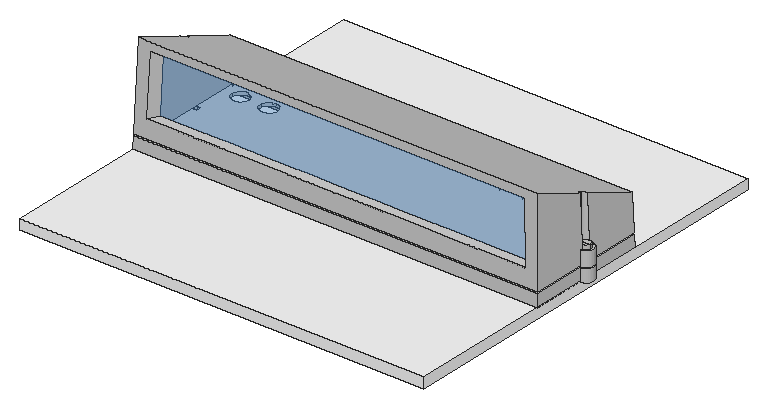
Revit family "BE_24373_de_DE", category Leuchten, Revit 2015
Parameters (values of type "BEGA_24373_Silber_K4")
  built-in parameter 1150104 = 12.821 (stored number, unit not read)
  Wattage = 18.4 W
  Default Elevation = 0 mm
  built-in parameter 1150113 = 1 (stored number, unit not read)
  built-in parameter 1114218 = 1 (stored number, unit not read)
  Umgebungstemperatur = "25 °C"
  URL = "http://www.bega.de/produkt/24373"
  Typenkommentare = "© 2017 BEGA. Wir behalten uns das Recht vor, technische Änderungen ohne vorherige Ankündigung vorzunehmen."  # constant formula
  Type Image = 24373.png
  built-in parameter 1150134 = 12
  built-in parameter 1150109 = 1 (stored number, unit not read)
  Strom = ""
  built-in parameter 1150110 = 1 (stored number, unit not read)
  Spannung = 239.996 V
  Sonderanfertigung = no
  Seriennummer [instance] = "Hier können Sie die eindeutige Seriennummer für das Facility Management eintragen."
  Schutzklasse = "I"
  Schutzart = "IP 65"
  Scheinlast = 0 VA
  Produktdatenblatt = "http://www.bega.de/download/Xrfa/db/24373.db.de.pdf"
  Oberflächentemperatur = ""
  Neigungswinkel = 0.00°
  Modell = "24373AK4"
  Material_17 = BEGA_Reflektor
  Material_15 = BEGA_Leuchtmedium_matt
  Material_11 = BEGA_Glas_opal
  Material_10 = BEGA_Glas_matt
  Material_09 = BEGA_Glas_klar
  Material_06 = BEGA_Oberfläche_Edelstahl_gebürstet
  Material_03 = BEGA_Oberfläche_Weiss_matt
  Material_02 = BEGA_Oberfläche_Silber_matt
  Material_01 [instance] = BEGA_Oberfläche_Grafit_matt
  M_W = no
  M_G = no
  M_A = yes
  Logo = 0
  built-in parameter 1114217 = 1 (stored number, unit not read)
  built-in parameter 1150139 = (empty or 0)
  built-in parameter 1150105 = 202.06 (stored number, unit not read)
  built-in parameter 1150114 = 1 (stored number, unit not read)
  Lumens = 2539.2 lm
  built-in parameter 1150115 = 1 (stored number, unit not read)
  Leuchtenlichtstrom = "1807 lm"
  Leuchtenanzahl = ""
  Lebensdauerkriterien = "L70B50 @ 25 °C = 342000 h"
  Lastklassifizierung = Beleuchtung
  built-in parameter 1150112 = 1 (stored number, unit not read)
  Lampenlichtstrom = "2540 lm"
  Lampe = "LED 18.4 W"
  LED_Modulbezeichnung = "LED-0520/840"
  built-in parameter 1150142 = (empty or 0)
  Hersteller = "BEGA"  # constant formula
  Halbstreuwinkel = ""
  Gewicht = "2.4 kg"
  Gebrauchslageneinschränkung [instance] = ""
  Frequenz = "0/50-60 Hz"
  Farbwiedergabeindex = "Ra > 80"
  Farbtemperaturverschiebung bei Dämpfen der Lampe = <Keine Auswahl>
  Farbtemperatur = "4000 K"
  Color Filter = 16777215
  built-in parameter 1150133 = 10 (stored number, unit not read)
  Energieeffizienzklasse = "LED A++ - A"
  built-in parameter 1150137 = (empty or 0)
  built-in parameter 1150132 = (empty or 0)
  ENEC = "ja"
  Dimmbar [instance] = "DALI"
  Datei für fotometrisches Netz = "BE_24373K4.IES"
  CE_Konformität = "ja"
  Bestellnummer = "24373AK4"
  Beschreibung_Sonderanfertigung = "Hier können Sie Informationen zur Sonderanfertigung eintragen."
  Beschreibung = "Wandleuchte"
  built-in parameter 1150106 = 2.0206 (stored number, unit not read)
  Befestigungsbohrung = "Ø 5,5 mm"
  Befestigungsabstand = "370 mm"
  Ballwurfsicher = ""
  BEGA_Intern_aus = yes
  BEGA_Intern_an = yes
  BEGA_Intern_Konstruktion = yes
  BEGA_Intern = yes
  BEGA_IES = yes
  BEGA_Dummy = no
  Anschlussleitung = ""
  Anschlussleistung [instance] = "21.2 W"
  Anschlusskasten = ""
  built-in parameter 1150107 = 4000 (stored number, unit not read)
  built-in parameter 1150102 = (empty or 0)
  built-in parameter 1150138 = (empty or 0)
  Aktualisierung = "2017-06-27T04:08:34"
  Abstand_zur_angestrahlten_Fläche [instance] = ""
  AC/DC = "AC/DC"
Types (4, lengths in mm): name | built-in parameter 1150134 | Modell | M_G | M_A | LED_Modulbezeichnung | Farbtemperatur | Datei für fotometrisches Netz | Bestellnummer | built-in parameter 1150107
  BEGA_24373_Grafit_K4 | 12 | "24373K4" | yes | no | "LED-0520/840" | "4000 K" | "BE_24373K4.IES" | "24373K4" | 4000 (stored number, unit not read)
  BEGA_24373_Grafit_K3 | (empty or 0) | "24373" | yes | no | "LED-0520/830" | "3000 K" | "BE_24373.IES" | "24373" | 3000 (stored number, unit not read)
  BEGA_24373_Silber_K3 | (empty or 0) | "24373A" | no | yes | "LED-0520/830" | "3000 K" | "BE_24373.IES" | "24373A" | 3000 (stored number, unit not read)
  BEGA_24373_Silber_K4 | 12 | "24373AK4" | no | yes | "LED-0520/840" | "4000 K" | "BE_24373K4.IES" | "24373AK4" | 4000 (stored number, unit not read)
Reference planes
  plane 1 "Mitte (Vorne/Hinten)": y = 0
  plane 2: z = 0
  plane 3 "Mitte (Links/Rechts)": x = 0
  plane 4 "Links": x = -207.724
  plane 5 "Rechts": x = 207.724
  plane 6 "Unten": y = -60.019
  plane 7 "Oben": y = 60.019
  plane 8 "Vorne": z = 98.569
  plane 9 "Hinten": z = 0
Forms (mm)
  Extrusion 1, solid, material "BEGA_Platte_Weiss"
    sketch origin (0, -1119.2, 0) x (1, 0, 0) y (0, 1, 0)
      loop
        line (-200, 1319.2) -> (-200, 919.2) -> (200, 919.2) -> (200, 1319.2) -> (-200, 1319.2)
    from 0 to -10
  Extrusion 2, solid, material "BEGA_Dummy_matt", visible <- "BEGA_Dummy"
    sketch origin (80.095, -76.023, 0) x (1, 0, 0) y (0, 1, 0)
      loop
        line (-287.819, 136.042) -> (-287.819, 16.004) -> (127.628, 16.004) -> (127.628, 136.042) -> (-287.819, 136.042)
    from 0 to 98.569
Dimensions and locks
  plane 1 "Mitte (Vorne/Hinten)" to Extrusion 1 = 200 mm
  aligned and locked: plane 2 to Extrusion 1
  aligned and locked: level to Extrusion 1
Nested families
  nested 1: "BE_24373" at (0, 0, 0), type "BE_24373"
Connectors
  electrical at (0, 0, 0), driven by "Lastklassifizierung", driven by "Spannung", driven by "Scheinlast"
    settings: index 1, voltage 239.996 V, apparent load 0 VA, apparent load phase1 0 VA, apparent load phase2 0 VA, apparent load phase3 0 VA, power factor 1, load classification "Beleuchtung", number of poles 1, system type 31, power factor state 1, is connector primary yes, connector utility no, sub classification motor no, connector description ""
Definition of nested family "BE_24373"
  Parameters (values of type "BE_24373")
    Default Elevation = 1 mm
    URL = "http://www.bega.de/de/produkt"
    Type Comments = "© 2015 BEGA. Wir behalten uns das Recht vor, technische Änderungen ohne vorherige Ankündigung vorzunehmen. "  # constant formula
    Type Image = (empty or 0)
    Material_17 = none
    Material_15 = none
    Material_11 = none
    Material_10 = none
    Material_09 = none
    Material_06 = none
    Material_03 = none
    Material_02 = none
    Material_01 = none
    M_W = yes
    M_G = yes
    M_A = yes
    Länge_Platte = 500 mm  # constant formula
    Höhe_Platte = -10 mm  # constant formula
    Manufacturer = "BEGA"  # constant formula
    Breite_Platte = 200 mm  # constant formula
  Reference planes
    plane 1 "Mitte (Oben/Unten)": y = 0
    plane 2: z = 0
    plane 3 "Mitte (Links/Rechts)": x = 0
    plane 4 "Hinten": z = 0
    plane 5: x = -207.724
    plane 6: z = 98.569
    plane 7: x = 207.724
    plane 8: y = 60.019
    plane 9: y = -60.019
  Forms (mm)
    Extrusion 1, solid, detail levels medium
      sketch origin (0, 0, 0) x (1, 0, 0) y (0, 1, 0)
        loop
          line (-250, 100) -> (-250, -100) -> (250, -100) -> (250, 100) -> (-250, 100)
      from 0 to -10 <- "Höhe_Platte"
    Extrusion 2, solid, material <- "Material_01", visible <- "M_G", detail levels medium+fine
      sketch origin (0, 0, 0) x (0, 1, 0) y (0, 0, 1)
        loop
          line (59.522, 13.6) -> (58.254, 49.911) -> (-56.511, 98.569) -> (-59.478, 13.6) -> (-50.773, 13.6) -> (-48.022, 92.364) -> (50.35, 50.656) -> (51.386, 21) -> (56.527, 21) -> (56.786, 13.6) -> (59.522, 13.6)
      from -200.019 to 200.019
    Extrusion 3, solid, material <- "Material_01", visible <- "M_G", detail levels medium+fine
      sketch origin (0, 0, 0) x (0, 1, 0) y (0, 0, 1)
        loop
          line (58.254, 49.911) -> (-56.511, 98.569) -> (-59.478, 13.6) -> (59.522, 13.6) -> (58.254, 49.911)
      from -200.019 to -188.85
    Extrusion 4, solid, material <- "Material_01", visible <- "M_G", detail levels medium+fine
      sketch origin (0, 0, 0) x (1, 0, 0) y (0, 1, 0)
        loop
          line (-160, 21.964) -> (-160, -21.964) -> (160, -21.964) -> (160, 21.964) -> (-160, 21.964)
      from 14.7 to 12.4
    Extrusion 5, solid, material <- "Material_01", visible <- "M_G", detail levels medium+fine
      sketch origin (-100.514, 0, 0) x (1, 0, 0) y (0, 1, 0)
        loop
          line (-96.067, 7.186) -> (-100, 7.186)
          arc (-100, 7.186) -> (-107.186, 0) -> (-100, -7.186) r 7.186
          line (-100, -7.186) -> (-96.067, -7.186) -> (-96.067, 7.186)
        loop
          line (297.095, 7.186) -> (297.095, -7.186) -> (301.029, -7.186)
          arc (301.029, -7.186) -> (308.214, 0) -> (301.029, 7.186) r 7.186
          line (301.029, 7.186) -> (297.095, 7.186)
      from 13.6 to 28
    Extrusion 6, solid, material <- "Material_01", visible <- "M_G", detail levels medium+fine
      sketch origin (0, 0, 0) x (1, 0, 0) y (0, 1, 0)
        loop
          line (-195.019, 7.5) -> (-200.019, 7.5)
          arc (-200.019, 7.5) -> (-207.519, 0) -> (-200.019, -7.5) r 7.5
          line (-200.019, -7.5) -> (-195.019, -7.5) -> (-195.019, 7.5)
        loop
          line (195.019, 7.5) -> (195.019, -7.5) -> (200.019, -7.5)
          arc (200.019, -7.5) -> (207.519, 0) -> (200.019, 7.5) r 7.5
          line (200.019, 7.5) -> (195.019, 7.5)
      from 0 to 12
    Extrusion 7, void
      sketch origin (0, 0, 0) x (1, 0, 0) y (0, 1, 0)
        loop
          circle (-142, 35.5) r 8.5
        loop
          circle (-185, 0) r 2.5
        loop
          circle (185, 0) r 2.5
        loop
          circle (-170, 35.5) r 8.5
      from 0 to 17.494
    Extrusion 8, void
      sketch origin (0, 0, 0) x (1, 0, 0) y (0, 1, 0)
        loop
          circle (-200, 0) r 5.401
        loop
          circle (200, 0) r 5.401
      from 24.531 to 83.083
    Extrusion 9, solid, material <- "Material_10", detail levels medium+fine
      sketch origin (0, 0, 0) x (0, 1, 0) y (0, 0, 1)
        loop
          line (-44.082, 90.576) -> (-48.08, 90.716) -> (-50.418, 23.748) -> (-46.421, 23.609) -> (-44.082, 90.576)
      from -183.929 to 184.367
    Sweep 10, solid, material <- "Material_01", visible <- "M_G", detail levels medium+fine
      path origin (0, 0, 0) x (1, 0, 0) y (0, 1, 0)
        loop
          line (200.019, 60.019) -> (-200.019, 60.019) -> (-200.019, -60.019) -> (200.019, -60.019) -> (200.019, 60.019)
      profile origin (0, 60.019, 0) x (0, -1, 0) y (0, 0, 1)
        loop
          line (0.419, 12) -> (0, 0) -> (2.301, 0) -> (2.502, 5.733)
          arc (2.502, 5.733) -> (2.806, 6.419) -> (3.501, 6.7) r 1
          arc (3.501, 6.7) -> (4.899, 7.256) -> (5.514, 8.628) r 2
          line (5.514, 8.628) -> (5.646, 12.4) -> (40.019, 12.4) -> (40.019, 14.7) -> (4.112, 14.7) -> (4.018, 12) -> (0.419, 12)
    Blend 11, void
      base sketch origin (0, 0, 0) x (1, 0, 0) y (0, 0, 1)
        loop
          line (-179.142, 32.574) -> (179.142, 32.574) -> (178.427, 85.489) -> (-178.427, 85.489) -> (-179.142, 32.574)
      top sketch origin (0, 0, 0) x (1, 0, 0) y (0, 0, 1)
        loop
          line (-187.223, 92.364) -> (-188.06, 30.507) -> (188.06, 30.507) -> (187.223, 92.364) -> (-187.223, 92.364)
      from 45.943 to 60.256
    Extrusion 12, solid, material <- "Material_01", visible <- "M_G", detail levels medium+fine
      sketch origin (0, 0, 0) x (0, 1, 0) y (0, 0, -1)
        loop
          line (58.254, -49.911) -> (59.522, -13.6) -> (-59.478, -13.6) -> (-56.511, -98.569) -> (58.254, -49.911)
      from -200.019 to -190.71
    Extrusion 13, void
      sketch origin (0, 0, 0) x (1, 0, 0) y (0, 0, 1)
        loop
          line (200.306, 5.393) -> (200.306, 103.545) -> (196.878, 103.545) -> (200.306, 5.393)
        loop
          line (-200.306, 5.393) -> (-196.878, 103.545) -> (-200.306, 103.545) -> (-200.306, 5.393)
      from -62.234 to 63.12
    Extrusion 14, void
      sketch origin (0, 0, 0) x (1, 0, 0) y (0, 1, 0)
        loop
          circle (-200, 0) r 5.25
        loop
          circle (200, 0) r 5.25
      from 24.531 to 109.435
    Revolve 15, solid, material <- "Material_06", detail levels fine
      sketch origin (0, 0, 0) x (1, 0, 0) y (0, 0, 1)
        loop
          line (-204.25, 31.231) -> (-204.518, 24.531) -> (-202.5, 24.531) -> (-202.5, 6.873) -> (-200, 6.873) -> (-200, 31.231) -> (-204.25, 31.231)
        axis (-200, 31.231) -> (-200, 6.873)
      angle from 0 to 360
    Revolve 16, solid, material <- "Material_06", detail levels fine
      sketch origin (0, 0, 0) x (-1, 0, 0) y (0, 0, 1)
        loop
          line (-204.25, 31.231) -> (-204.518, 24.531) -> (-202.5, 24.531) -> (-202.5, 1.631) -> (-200, 1.631) -> (-200, 31.231) -> (-204.25, 31.231)
        axis (-200, 31.231) -> (-200, 1.631)
      angle from 0 to 360
    Extrusion 17, solid, material <- "Material_02", visible <- "M_A", detail levels medium+fine
      sketch origin (0, 0, 0) x (1, 0, 0) y (0, 1, 0)
        loop
          line (-195.019, 7.5) -> (-200.019, 7.5)
          arc (-200.019, 7.5) -> (-207.519, 0) -> (-200.019, -7.5) r 7.5
          line (-200.019, -7.5) -> (-195.019, -7.5) -> (-195.019, 7.5)
        loop
          line (195.019, 7.5) -> (195.019, -7.5) -> (200.019, -7.5)
          arc (200.019, -7.5) -> (207.519, 0) -> (200.019, 7.5) r 7.5
          line (200.019, 7.5) -> (195.019, 7.5)
      from 0 to 12
    Sweep 18, solid, material <- "Material_02", visible <- "M_A", detail levels medium+fine
      path origin (0, 0, 0) x (1, 0, 0) y (0, 1, 0)
        loop
          line (200.019, 60.019) -> (-200.019, 60.019) -> (-200.019, -60.019) -> (200.019, -60.019) -> (200.019, 60.019)
      profile origin (0, 60.019, 0) x (0, -1, 0) y (0, 0, 1)
        loop
          line (0.419, 12) -> (0, 0) -> (2.301, 0) -> (2.502, 5.733)
          arc (2.502, 5.733) -> (2.806, 6.419) -> (3.501, 6.7) r 1
          arc (3.501, 6.7) -> (4.899, 7.256) -> (5.514, 8.628) r 2
          line (5.514, 8.628) -> (5.646, 12.4) -> (40.019, 12.4) -> (40.019, 14.7) -> (4.112, 14.7) -> (4.018, 12) -> (0.419, 12)
    Extrusion 19, solid, material <- "Material_02", visible <- "M_A", detail levels medium+fine
      sketch origin (0, 0, 0) x (1, 0, 0) y (0, 1, 0)
        loop
          line (-160, 21.964) -> (-160, -21.964) -> (160, -21.964) -> (160, 21.964) -> (-160, 21.964)
      from 14.7 to 12.4
    Extrusion 20, solid, material <- "Material_02", visible <- "M_A", detail levels medium+fine
      sketch origin (0, 0, 0) x (0, 1, 0) y (0, 0, 1)
        loop
          line (59.522, 13.6) -> (58.254, 49.911) -> (-56.511, 98.569) -> (-59.478, 13.6) -> (-50.773, 13.6) -> (-48.022, 92.364) -> (50.35, 50.656) -> (51.386, 21) -> (56.527, 21) -> (56.786, 13.6) -> (59.522, 13.6)
      from -200.019 to 200.019
    Extrusion 21, solid, material <- "Material_02", visible <- "M_A", detail levels medium+fine
      sketch origin (0, 0, 0) x (0, 1, 0) y (0, 0, 1)
        loop
          line (58.254, 49.911) -> (-56.511, 98.569) -> (-59.478, 13.6) -> (59.522, 13.6) -> (58.254, 49.911)
      from -200.019 to -188.85
    Extrusion 22, solid, material <- "Material_02", visible <- "M_A", detail levels medium+fine
      sketch origin (-100.514, 0, 0) x (1, 0, 0) y (0, 1, 0)
        loop
          line (-96.067, 7.186) -> (-100, 7.186)
          arc (-100, 7.186) -> (-107.186, 0) -> (-100, -7.186) r 7.186
          line (-100, -7.186) -> (-96.067, -7.186) -> (-96.067, 7.186)
        loop
          line (297.095, 7.186) -> (297.095, -7.186) -> (301.029, -7.186)
          arc (301.029, -7.186) -> (308.214, 0) -> (301.029, 7.186) r 7.186
          line (301.029, 7.186) -> (297.095, 7.186)
      from 13.6 to 28
    Extrusion 23, solid, material <- "Material_02", visible <- "M_A", detail levels medium+fine
      sketch origin (0, 0, 0) x (0, 1, 0) y (0, 0, -1)
        loop
          line (58.254, -49.911) -> (59.522, -13.6) -> (-59.478, -13.6) -> (-56.511, -98.569) -> (58.254, -49.911)
      from -200.019 to -190.71
  Cuts and joins
    Extrusion 7, Extrusion 8, Blend 11, Extrusion 13, Extrusion 14 cuts Extrusion 2
    Extrusion 7, Blend 11, Extrusion 13, Extrusion 14 cuts Extrusion 3
    Extrusion 7, Blend 11, Extrusion 14 cuts Extrusion 5
    Extrusion 13, Extrusion 14 cuts Extrusion 12
    joined: Extrusion 2, Extrusion 3, Extrusion 5, Extrusion 12
    Extrusion 7, Extrusion 8, Extrusion 13 cuts Extrusion 4
    Extrusion 7, Extrusion 8 cuts Extrusion 6
    Extrusion 7 cuts Sweep 10
    joined: Extrusion 4, Extrusion 6, Sweep 10
    Extrusion 7 cuts Sweep 18
    joined: Extrusion 17, Sweep 18, Extrusion 19
    Blend 11, Extrusion 13, Extrusion 14 cuts Extrusion 20
    Extrusion 13, Extrusion 14 cuts Extrusion 21
    Extrusion 14 cuts Extrusion 22
    Extrusion 13, Extrusion 14 cuts Extrusion 23
    joined: Extrusion 20, Extrusion 21, Extrusion 22, Extrusion 23
  Dimensions and locks
    equal spacing: Extrusion 1 sketch curve, plane 3 "Mitte (Links/Rechts)", Extrusion 1 sketch curve
    equal spacing: Extrusion 1 sketch curve, plane 1 "Mitte (Oben/Unten)", Extrusion 1 sketch curve
    "Länge_Platte": Extrusion 1 sketch curve to Extrusion 1 sketch curve
    "Breite_Platte": Extrusion 1 sketch curve to Extrusion 1 sketch curve
    aligned and locked: Extrusion 1 to plane 2
    aligned and locked: level to Extrusion 1
  Automatic sketch dimensions
    Extrusion 2 sketch curve to Extrusion 2 sketch curve = 2.737 mm
    level to Extrusion 2 sketch curve = 13.6 mm  (x2)
    Extrusion 2 sketch curve to Extrusion 2 sketch curve = 7.4 mm
    Extrusion 2 sketch curve to Extrusion 2 sketch curve = 28.911 mm
    Extrusion 2 sketch curve to Extrusion 2 sketch curve = 0.745 mm
    Extrusion 2 sketch curve to Extrusion 2 sketch curve = 6.205 mm
    level to Extrusion 3 sketch curve = 13.6 mm
    plane 1 "Mitte (Oben/Unten)" to Extrusion 4 sketch curve = 21.964 mm
    Extrusion 4 sketch curve to plane 1 "Mitte (Oben/Unten)" = 21.964 mm
    plane 1 "Mitte (Oben/Unten)" to Extrusion 5 sketch curve = 0 mm  (x2)
    plane 1 "Mitte (Oben/Unten)" to Extrusion 5 sketch curve = 7.186 mm
    Extrusion 5 sketch curve to Extrusion 5 sketch curve = 3.933 mm  (x2)
    Extrusion 5 sketch curve to plane 1 "Mitte (Oben/Unten)" = 7.186 mm
    plane 1 "Mitte (Oben/Unten)" to Extrusion 6 sketch curve = 0 mm  (x2)
    plane 1 "Mitte (Oben/Unten)" to Extrusion 6 sketch curve = 7.5 mm
    Extrusion 6 sketch curve to Extrusion 6 sketch curve = 5 mm  (x2)
    Extrusion 6 sketch curve to plane 1 "Mitte (Oben/Unten)" = 7.5 mm
    plane 1 "Mitte (Oben/Unten)" to Extrusion 7 sketch curve = 0 mm  (x2)
    Extrusion 7 sketch curve to Extrusion 7 sketch curve = 15 mm
    Extrusion 7 sketch curve to Extrusion 7 sketch curve = 28 mm
    plane 1 "Mitte (Oben/Unten)" to Extrusion 8 sketch curve = 0 mm  (x2)
    Extrusion 9 sketch curve to Extrusion 9 sketch curve = 3.998 mm  (x2)
    level to Extrusion 9 sketch curve = 23.609 mm
    Extrusion 9 sketch curve to Extrusion 9 sketch curve = 0.14 mm  (x2)
    Sweep 10 sketch curve to level = 0 mm
    Sweep 10 sketch curve to profile plane = 0 mm
    Sweep 10 sketch curve to profile plane = 0.419 mm
    Sweep 10 sketch curve to Sweep 10 sketch curve = 2.301 mm
    Sweep 10 sketch curve to profile plane = 2.502 mm
    Sweep 10 sketch curve to Sweep 10 sketch curve = 0.999 mm
    Sweep 10 sketch curve to Sweep 10 sketch curve = 0.015 mm
    Sweep 10 sketch curve to Sweep 10 sketch curve = 0.502 mm
    Sweep 10 sketch curve to Sweep 10 sketch curve = 0.094 mm
    Sweep 10 sketch curve to Sweep 10 sketch curve = 1.999 mm
    Sweep 10 sketch curve to Sweep 10 sketch curve = 1.629 mm
    level to Sweep 10 sketch curve = 14.7 mm
    Sweep 10 sketch curve to Sweep 10 sketch curve = 34.373 mm
    level to Sweep 10 sketch curve = 5.7 mm
    Sweep 10 sketch curve to Sweep 10 sketch curve = 0.033 mm
    Sweep 10 sketch curve to Sweep 10 sketch curve = 1.928 mm
    Sweep 10 sketch curve to Sweep 10 sketch curve = 0.072 mm
    Sweep 10 sketch curve to Sweep 10 sketch curve = 3.3 mm
    Sweep 10 sketch curve to Sweep 10 sketch curve = 2.3 mm
    Sweep 10 sketch curve to Sweep 10 sketch curve = 0 mm  (x2)
    level to Blend 11 sketch curve = 32.574 mm  (x2)
    Blend 11 sketch curve to Blend 11 sketch curve = 0.716 mm  (x2)
    level to Blend 11 sketch curve = 30.507 mm
    Blend 11 sketch curve to Blend 11 sketch curve = 0.837 mm  (x2)
    level to Extrusion 12 sketch curve = 13.6 mm
    level to Extrusion 13 sketch curve = 5.393 mm  (x2)
    Extrusion 13 sketch curve to Extrusion 13 sketch curve = 3.428 mm  (x2)
    plane 1 "Mitte (Oben/Unten)" to Extrusion 14 sketch curve = 0 mm  (x2)
    level to Revolve 15 sketch curve = 24.531 mm
    level to Revolve 15 sketch curve = 31.231 mm
    Revolve 15 sketch curve to Revolve 15 sketch curve = 0.268 mm
    Revolve 15 sketch curve to Revolve 15 sketch curve = 2.018 mm
    Revolve 15 sketch curve to Revolve 15 sketch curve = 4.25 mm
    level to Revolve 15 sketch curve = 6.873 mm
    Revolve 15 sketch curve to Revolve 15 sketch curve = 0 mm
    Revolve 15 sketch curve to level = 1.719 mm
    Revolve 15 sketch curve to Revolve 15 sketch curve = 2.45 mm
    Revolve 16 sketch curve to level = 24.531 mm
    Revolve 16 sketch curve to level = 31.231 mm
    Revolve 16 sketch curve to Revolve 16 sketch curve = 0.268 mm
    Revolve 16 sketch curve to Revolve 16 sketch curve = 2.018 mm
    Revolve 16 sketch curve to Revolve 16 sketch curve = 4.25 mm
    Revolve 16 sketch curve to level = 1.631 mm
    Revolve 16 sketch curve to Revolve 16 sketch curve = 0 mm
    level to Revolve 16 sketch curve = 1.719 mm
    Revolve 16 sketch curve to Revolve 16 sketch curve = 2.45 mm
    plane 1 "Mitte (Oben/Unten)" to Extrusion 17 sketch curve = 0 mm  (x2)
    plane 1 "Mitte (Oben/Unten)" to Extrusion 17 sketch curve = 7.5 mm
    Extrusion 17 sketch curve to Extrusion 17 sketch curve = 5 mm  (x2)
    Extrusion 17 sketch curve to plane 1 "Mitte (Oben/Unten)" = 7.5 mm
    Sweep 18 sketch curve to level = 0 mm
    Sweep 18 sketch curve to profile plane = 0 mm
    Sweep 18 sketch curve to profile plane = 0.419 mm
    Sweep 18 sketch curve to Sweep 18 sketch curve = 2.301 mm
    Sweep 18 sketch curve to profile plane = 2.502 mm
    Sweep 18 sketch curve to Sweep 18 sketch curve = 0.999 mm
    Sweep 18 sketch curve to Sweep 18 sketch curve = 0.015 mm
    Sweep 18 sketch curve to Sweep 18 sketch curve = 0.502 mm
    Sweep 18 sketch curve to Sweep 18 sketch curve = 0.094 mm
    Sweep 18 sketch curve to Sweep 18 sketch curve = 1.999 mm
    Sweep 18 sketch curve to Sweep 18 sketch curve = 1.629 mm
    level to Sweep 18 sketch curve = 14.7 mm
    Sweep 18 sketch curve to Sweep 18 sketch curve = 34.373 mm
    level to Sweep 18 sketch curve = 5.7 mm
    Sweep 18 sketch curve to Sweep 18 sketch curve = 0.033 mm
    Sweep 18 sketch curve to Sweep 18 sketch curve = 1.928 mm
    Sweep 18 sketch curve to Sweep 18 sketch curve = 0.072 mm
    Sweep 18 sketch curve to Sweep 18 sketch curve = 3.3 mm
    Sweep 18 sketch curve to Sweep 18 sketch curve = 2.3 mm
    Sweep 18 sketch curve to Sweep 18 sketch curve = 0 mm  (x2)
    plane 1 "Mitte (Oben/Unten)" to Extrusion 19 sketch curve = 21.964 mm
    Extrusion 19 sketch curve to plane 1 "Mitte (Oben/Unten)" = 21.964 mm
    Extrusion 20 sketch curve to Extrusion 20 sketch curve = 2.737 mm
    level to Extrusion 20 sketch curve = 13.6 mm  (x2)
    Extrusion 20 sketch curve to Extrusion 20 sketch curve = 7.4 mm
    Extrusion 20 sketch curve to Extrusion 20 sketch curve = 28.911 mm
    Extrusion 20 sketch curve to Extrusion 20 sketch curve = 0.745 mm
    Extrusion 20 sketch curve to Extrusion 20 sketch curve = 6.205 mm
    level to Extrusion 21 sketch curve = 13.6 mm
    plane 1 "Mitte (Oben/Unten)" to Extrusion 22 sketch curve = 0 mm  (x2)
    plane 1 "Mitte (Oben/Unten)" to Extrusion 22 sketch curve = 7.186 mm
    Extrusion 22 sketch curve to Extrusion 22 sketch curve = 3.933 mm  (x2)
    Extrusion 22 sketch curve to plane 1 "Mitte (Oben/Unten)" = 7.186 mm
    level to Extrusion 23 sketch curve = 13.6 mm
    Extrusion 4 sketch curve to plane 3 "Mitte (Links/Rechts)" = 160 mm
    Extrusion 5 sketch curve to plane 3 "Mitte (Links/Rechts)" = 196.581 mm
    Extrusion 6 sketch curve to plane 3 "Mitte (Links/Rechts)" = 195.019 mm
    Extrusion 7 sketch curve to plane 3 "Mitte (Links/Rechts)" = 142 mm
    Extrusion 8 sketch curve to plane 3 "Mitte (Links/Rechts)" = 200 mm
    Sweep 10 sketch curve to plane 3 "Mitte (Links/Rechts)" = 200.019 mm
    Blend 11 sketch curve to plane 3 "Mitte (Links/Rechts)" = 178.427 mm
    Blend 11 sketch curve to plane 3 "Mitte (Links/Rechts)" = 187.223 mm
    Extrusion 13 sketch curve to plane 3 "Mitte (Links/Rechts)" = 196.878 mm
    Extrusion 14 sketch curve to plane 3 "Mitte (Links/Rechts)" = 200 mm
    Revolve 15 sketch curve to plane 3 "Mitte (Links/Rechts)" = 204.518 mm
    Extrusion 17 sketch curve to plane 3 "Mitte (Links/Rechts)" = 195.019 mm
    Sweep 18 sketch curve to plane 3 "Mitte (Links/Rechts)" = 200.019 mm
    Extrusion 19 sketch curve to plane 3 "Mitte (Links/Rechts)" = 160 mm
    Extrusion 22 sketch curve to plane 3 "Mitte (Links/Rechts)" = 196.581 mm
    plane 3 "Mitte (Links/Rechts)" to Extrusion 4 sketch curve = 160 mm
    plane 3 "Mitte (Links/Rechts)" to Extrusion 5 sketch curve = 196.581 mm
    plane 3 "Mitte (Links/Rechts)" to Extrusion 6 sketch curve = 195.019 mm
    plane 3 "Mitte (Links/Rechts)" to Extrusion 7 sketch curve = 185 mm
    plane 3 "Mitte (Links/Rechts)" to Extrusion 8 sketch curve = 200 mm
    plane 3 "Mitte (Links/Rechts)" to Sweep 10 sketch curve = 200.019 mm
    plane 3 "Mitte (Links/Rechts)" to Blend 11 sketch curve = 178.427 mm
    plane 3 "Mitte (Links/Rechts)" to Blend 11 sketch curve = 187.223 mm
    plane 3 "Mitte (Links/Rechts)" to Extrusion 13 sketch curve = 196.878 mm
    plane 3 "Mitte (Links/Rechts)" to Extrusion 14 sketch curve = 200 mm
    Revolve 16 sketch curve to plane 3 "Mitte (Links/Rechts)" = 204.518 mm
    plane 3 "Mitte (Links/Rechts)" to Extrusion 17 sketch curve = 195.019 mm
    plane 3 "Mitte (Links/Rechts)" to Sweep 18 sketch curve = 200.019 mm
    plane 3 "Mitte (Links/Rechts)" to Extrusion 19 sketch curve = 160 mm
    plane 3 "Mitte (Links/Rechts)" to Extrusion 22 sketch curve = 196.581 mm
    Extrusion 2 sketch curve to Extrusion 2 sketch curve = 78.764 mm
    Extrusion 3 sketch curve to Extrusion 3 sketch curve = 36.311 mm
    Extrusion 3 sketch curve to Extrusion 3 sketch curve = 84.969 mm
    Extrusion 9 sketch curve to Extrusion 9 sketch curve = 66.967 mm
    Blend 11 sketch curve to Blend 11 sketch curve = 52.915 mm
    Blend 11 sketch curve to Blend 11 sketch curve = 61.857 mm
    Extrusion 12 sketch curve to Extrusion 12 sketch curve = 36.311 mm
    Extrusion 12 sketch curve to Extrusion 12 sketch curve = 84.969 mm
    Extrusion 13 sketch curve to Extrusion 13 sketch curve = 98.152 mm  (x2)
    Extrusion 20 sketch curve to Extrusion 20 sketch curve = 78.764 mm
    Extrusion 21 sketch curve to Extrusion 21 sketch curve = 36.311 mm
    Extrusion 21 sketch curve to Extrusion 21 sketch curve = 84.969 mm
    Extrusion 23 sketch curve to Extrusion 23 sketch curve = 36.311 mm
    Extrusion 23 sketch curve to Extrusion 23 sketch curve = 84.969 mm
    Extrusion 2 sketch curve to plane 1 "Mitte (Oben/Unten)" = 50.35 mm
    Extrusion 2 sketch curve to Extrusion 2 sketch curve = 1.036 mm
    Extrusion 2 sketch curve to Extrusion 2 sketch curve = 5.142 mm
    Extrusion 2 sketch curve to Extrusion 2 sketch curve = 0.258 mm
    Extrusion 2 sketch curve to Extrusion 2 sketch curve = 7.904 mm
    Extrusion 3 sketch curve to plane 1 "Mitte (Oben/Unten)" = 58.254 mm
    Extrusion 3 sketch curve to Extrusion 3 sketch curve = 1.268 mm
    Extrusion 7 sketch curve to plane 1 "Mitte (Oben/Unten)" = 35.5 mm
    Extrusion 7 sketch curve to Extrusion 7 sketch curve = 0 mm
    Sweep 10 sketch curve to plane 1 "Mitte (Oben/Unten)" = 60.019 mm
    Extrusion 12 sketch curve to plane 1 "Mitte (Oben/Unten)" = 58.254 mm
    Extrusion 12 sketch curve to Extrusion 12 sketch curve = 1.268 mm
    Sweep 18 sketch curve to plane 1 "Mitte (Oben/Unten)" = 60.019 mm
    Extrusion 20 sketch curve to plane 1 "Mitte (Oben/Unten)" = 50.35 mm
    Extrusion 20 sketch curve to Extrusion 20 sketch curve = 1.036 mm
    Extrusion 20 sketch curve to Extrusion 20 sketch curve = 5.142 mm
    Extrusion 20 sketch curve to Extrusion 20 sketch curve = 0.258 mm
    Extrusion 20 sketch curve to Extrusion 20 sketch curve = 7.904 mm
    Extrusion 21 sketch curve to plane 1 "Mitte (Oben/Unten)" = 58.254 mm
    Extrusion 21 sketch curve to Extrusion 21 sketch curve = 1.268 mm
    Extrusion 23 sketch curve to plane 1 "Mitte (Oben/Unten)" = 58.254 mm
    Extrusion 23 sketch curve to Extrusion 23 sketch curve = 1.268 mm
    plane 9 to Extrusion 2 sketch curve = 11.997 mm
    plane 9 to Extrusion 2 sketch curve = 9.246 mm
    plane 9 to Extrusion 2 sketch curve = 3.508 mm
    plane 9 to Extrusion 2 sketch curve = 0.541 mm
    plane 9 to Extrusion 3 sketch curve = 3.508 mm
    plane 9 to Extrusion 3 sketch curve = 0.541 mm
    plane 9 to Extrusion 9 sketch curve = 9.601 mm
    plane 9 to Extrusion 9 sketch curve = 11.939 mm
    Sweep 10 sketch curve to plane 9 = 0 mm
    plane 9 to Extrusion 12 sketch curve = 3.508 mm
    plane 9 to Extrusion 12 sketch curve = 0.541 mm
    Sweep 18 sketch curve to plane 9 = 0 mm
    plane 9 to Extrusion 20 sketch curve = 11.997 mm
    plane 9 to Extrusion 20 sketch curve = 9.246 mm
    plane 9 to Extrusion 20 sketch curve = 3.508 mm
    plane 9 to Extrusion 20 sketch curve = 0.541 mm
    plane 9 to Extrusion 21 sketch curve = 3.508 mm
    plane 9 to Extrusion 21 sketch curve = 0.541 mm
    plane 9 to Extrusion 23 sketch curve = 3.508 mm
    plane 9 to Extrusion 23 sketch curve = 0.541 mm
    radius of Extrusion 7 sketch curve = 8.5 mm  (x2)
    radius of Extrusion 7 sketch curve = 2.5 mm  (x2)
    radius of Extrusion 8 sketch curve = 5.401 mm  (x2)
    radius of Extrusion 14 sketch curve = 5.25 mm  (x2)
